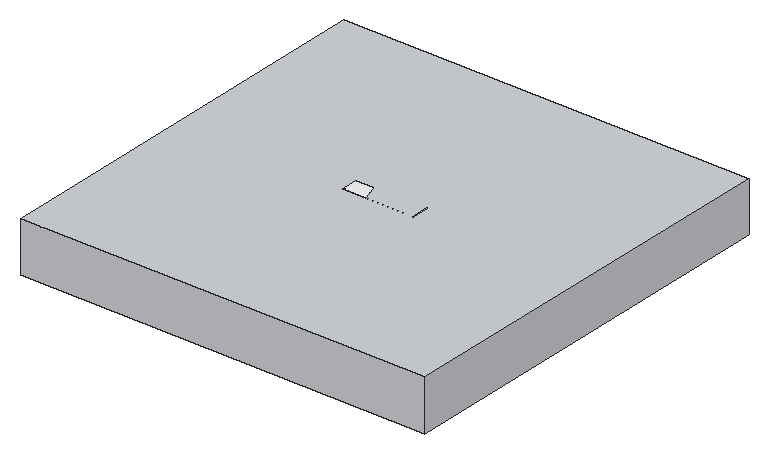
Revit family "LE_C", category Lighting Fixtures, host Face, Revit 2021
Family settings
  Host = Face
  Round Connector Dimension = Use Diameter
  Part Type = Normal
  OmniClass Number = 23.80.70.11.21
  OmniClass Title = Emergency Lighting
  Cut with Voids When Loaded = No
  Light Source = Yes
  Shared = No
  Room Calculation Point = No
Parameters (values of type "LE-White")
  Wattage Comments = "2.2-5 W"
  Wattage = 5 W
  built-in parameter 1150110 = 1 (stored number, unit not read)
  URL = "https://www.currentlighting.com/lifeshield"
  built-in parameter 1114217 = 1 (stored number, unit not read)
  built-in parameter 1150109 = 1 (stored number, unit not read)
  built-in parameter 1150134 = 3
  built-in parameter 1150113 = 1 (stored number, unit not read)
  Product Page URL = ""
  Product Documentation Link = ""
  Mounting = "Ceiling Mount"  # constant formula
  Model = "LE"  # constant formula
  Manufacturer Phone = ""
  Manufacturer Fax = ""
  Manufacturer = "Lifeshield"  # constant formula
  built-in parameter 1150105 = 59.103 (stored number, unit not read)
  Lumens = 742.71 lm
  built-in parameter 1150115 = 1 (stored number, unit not read)
  Light Source Symbol Size = 0.250"
  built-in parameter 1150137 = (empty or 0)
  built-in parameter 1150139 = (empty or 0)
  Lettering = Red
  built-in parameter 1150112 = 1 (stored number, unit not read)
  built-in parameter 1150114 = 1 (stored number, unit not read)
  Lamp = "LED"  # constant formula
  built-in parameter 1150132 = (empty or 0)
  built-in parameter 1150102 = (empty or 0)
  built-in parameter 1150107 = 3200 (stored number, unit not read)
  built-in parameter 1150138 = (empty or 0)
  built-in parameter 1150106 = 0.59103 (stored number, unit not read)
  Glass = Glass
  Family = "Outdoor Emergency Lighting"  # constant formula
  Emit from Line Length = 13.000"
  built-in parameter 1150104 = 13.8 (stored number, unit not read)
  Dimming Lamp Color Temperature Shift = <None>
  Description = "Recessed Mounting Architectural Edge-Lit LED Exit Signs"  # constant formula
  Default Elevation = 48.000"
  Color Filter = 16777215
  built-in parameter 1114218 = 1 (stored number, unit not read)
  Backbox = White
  built-in parameter 1150133 = 10 (stored number, unit not read)
Reference planes (in)
  plane 1 "Center (Front/Back)": y = 0.03999
  plane 2: z = 0.04018
  plane 3 "Center (Left/Right)": x = 0
  plane 4: through (0, 4.17275, 0.82335) normal (0, -0.4384, 0.8988)
  plane 5: x = -8.375
  plane 6: y = 2.03999
  plane 7: x = 8.375
  plane 8: y = -1.96001
  plane 9: z = 7.56357
  plane 10: x = -7
  plane 11: x = 7
  plane 12: y = 0.28999
  plane 13: y = -0.21001
  plane 14: z = -3.6285
  plane 15: z = -3.6285
Forms (in)
  Extrusion 1, solid
    sketch origin (0, 0, 0.06357) x (1, 0, 0) y (0, 1, 0)
      loop
        line (-48, 48) -> (-48, -48) -> (48, -48) -> (48, 48) -> (-48, 48)
    from -0.02339 to -12
  Extrusion 2, solid, material "White" <- "Backbox"
    sketch origin (0, 0, -7.52339) x (0, 1, 0) y (0, 0, 1)
      loop
        line (2.03999, 7.56357) -> (-1.96001, 7.56357) -> (-1.96001, 7.47449)
        arc (-1.96001, 7.47449) -> (-1.23565, 7.43011) -> (-0.51242, 7.37006) r 33.54002
        arc (-0.51242, 7.37006) -> (0.02184, 7.35387) -> (0.55618, 7.36686) r 9.79246
        arc (0.55618, 7.36686) -> (1.29749, 7.42897) -> (2.03999, 7.47461) r 33.54002
        line (2.03999, 7.47461) -> (2.03999, 7.56357)
    from -8.375 to 8.375
  Extrusion 3, solid, material "Glass" <- "Glass"
    sketch origin (0, 0.03999, -7.52339) x (1, 0, 0) y (0, 0, 1)
      loop
        line (-7, 7.35975) -> (-7, 1.37754)
        arc (-7, 1.37754) -> (-6.67609, 0.59556) -> (-5.89411, 0.27165) r 1.10589
        arc (-5.89411, 0.27165) -> (0, 0.04018) -> (5.89411, 0.27165) r 75.15963
        arc (5.89411, 0.27165) -> (6.67609, 0.59556) -> (7, 1.37754) r 1.10589
        line (7, 1.37754) -> (7, 7.35975) -> (-7, 7.35975)
    from 0.25 to -0.25
  Extrusion 4, solid, material "Red" <- "Lettering"
    sketch origin (0.81146, 0, 1.1137) x (-1, 0, 0) y (0, 0, -1)
      loop
        line (4.26086, 7.32353) -> (4.26086, 5.24161) -> (3.07884, 5.24161) -> (3.07884, 4.92704) -> (3.07884, 4.61247) -> (4.26086, 4.61247) -> (4.26086, 2.53056) -> (3.07884, 2.53056) -> (3.07884, 2.03056) -> (4.76086, 2.03056) -> (4.76086, 4.92704) -> (4.76086, 7.82353) -> (3.07884, 7.82353) -> (3.07884, 7.32353) -> (4.26086, 7.32353)
      loop
        line (2.47814, 7.82243) -> (1.82285, 7.82243) -> (1.53481, 7.03104) -> (1.24677, 7.82243) -> (0.59148, 7.82243) -> (1.25993, 4.92704) -> (0.59148, 2.03165) -> (1.24677, 2.03165) -> (1.53481, 2.82304) -> (1.82285, 2.03165) -> (2.47814, 2.03165) -> (1.80969, 4.92704) -> (2.47814, 7.82243)
      loop
        line (-0.17116, 7.82353) -> (-0.771, 7.82353) -> (-0.771, 2.03165) -> (-0.17116, 2.03165) -> (-0.17116, 7.82353)
      loop
        line (-3.61882, 2.68694) -> (-3.61882, 2.03165) -> (-1.36882, 2.03165) -> (-1.36882, 2.68694) -> (-2.15022, 2.68694) -> (-2.15022, 7.82353) -> (-2.75006, 7.82353) -> (-2.75006, 2.68694) -> (-3.61882, 2.68694)
    from 0.21001 to 0.2345
  Extrusion 5, solid, material "Red" <- "Lettering"
    sketch origin (0.81146, 0.07998, 1.1137) x (-1, 0, 0) y (0, 0, 1)
      loop
        line (4.26086, -7.32353) -> (3.07884, -7.32353) -> (3.07884, -7.82353) -> (4.76086, -7.82353) -> (4.76086, -4.92704) -> (4.76086, -2.03056) -> (3.07884, -2.03056) -> (3.07884, -2.53056) -> (4.26086, -2.53056) -> (4.26086, -4.61247) -> (3.07884, -4.61247) -> (3.07884, -4.92704) -> (3.07884, -5.24161) -> (4.26086, -5.24161) -> (4.26086, -7.32353)
      loop
        line (2.47814, -7.82243) -> (1.80969, -4.92704) -> (2.47814, -2.03165) -> (1.82285, -2.03165) -> (1.53481, -2.82304) -> (1.24677, -2.03165) -> (0.59148, -2.03165) -> (1.25993, -4.92704) -> (0.59148, -7.82243) -> (1.24677, -7.82243) -> (1.53481, -7.03104) -> (1.82285, -7.82243) -> (2.47814, -7.82243)
      loop
        line (-0.17116, -7.82353) -> (-0.17116, -2.03165) -> (-0.771, -2.03165) -> (-0.771, -7.82353) -> (-0.17116, -7.82353)
      loop
        line (-3.61882, -2.68694) -> (-2.75006, -2.68694) -> (-2.75006, -7.82353) -> (-2.15022, -7.82353) -> (-2.15022, -2.68694) -> (-1.36882, -2.68694) -> (-1.36882, -2.03165) -> (-3.61882, -2.03165) -> (-3.61882, -2.68694)
    from -0.28999 to -0.21699
  Extrusion 6, solid, material "Red"
    sketch origin (-0.22623, 0.07998, -0.6048) x (1, 0, 0) y (0, 0, 1)
      loop
        line (-4.97072, -3.79907) -> (-4.58478, -3.79907) -> (-5.36016, -3.02369) -> (-4.58478, -2.24831) -> (-4.97072, -2.24831) -> (-5.7461, -3.02369) -> (-4.97072, -3.79907)
      loop
        line (5.42318, -3.79907) -> (6.19856, -3.02369) -> (5.42318, -2.24831) -> (5.03724, -2.24831) -> (5.81262, -3.02369) -> (5.03724, -3.79907) -> (5.42318, -3.79907)
    from 0.28999 to 0.31448
Dimensions and locks (in)
  locked: plane 5 to plane 3 "Center (Left/Right)" at 8.375
  locked: plane 7 to plane 3 "Center (Left/Right)" at 8.375
  locked: plane 6 to plane 1 "Center (Front/Back)" at 2
  locked: plane 8 to plane 1 "Center (Front/Back)" at 2
  locked: plane 9 to level at 7.5
  plane 5 to plane 10 to plane 3 "Center (Left/Right)" = 1.375", 7.000"
  plane 7 to plane 11 to plane 3 "Center (Left/Right)" = 1.375", 7.000"
  plane 1 "Center (Front/Back)" to plane 12 to plane 6 = 0.250", 1.750"  (x2)
  plane 1 "Center (Front/Back)" to plane 13 to plane 8 = 0.250", 1.750"
  Extrusion 3 to level = 0.22721"
  aligned and locked: plane 2 to Extrusion 1
  aligned and locked: Extrusion 2 to plane 5
  aligned and locked: Extrusion 2 to plane 7
  aligned and locked: plane 6 to Extrusion 2 sketch curve
  aligned and locked: Extrusion 2 sketch curve to plane 8
  aligned and locked: plane 12 to Extrusion 3
  aligned and locked: plane 13 to Extrusion 3
  aligned and locked: Extrusion 4 sketch curve to Extrusion 4 sketch curve
  aligned and locked: Extrusion 5 sketch curve to Extrusion 5 sketch curve
  aligned and locked: Extrusion 4 to Extrusion 3
  aligned and locked: Extrusion 4 to Extrusion 6
  aligned and locked: plane 14 to Extrusion 6 sketch curve  (x4)
  aligned and locked: Extrusion 6 sketch curve to plane 15  (x4)
  aligned and locked: Extrusion 3 to plane 12
  aligned and locked: Extrusion 1 to Extrusion 2
Connectors (in)
  electrical at (0, 0, 0.06357), driven by "Description"
    settings: index 1, voltage 0 V, apparent load 0 VA, apparent load phase1 0 VA, apparent load phase2 0 VA, apparent load phase3 0 VA, power factor 1, load classification "Other", number of poles 1, system type 30, power factor state 1, is connector primary yes, connector utility no, sub classification motor no, connector description "Recessed Mounting Architectural Edge-Lit LED Exit Signs"
